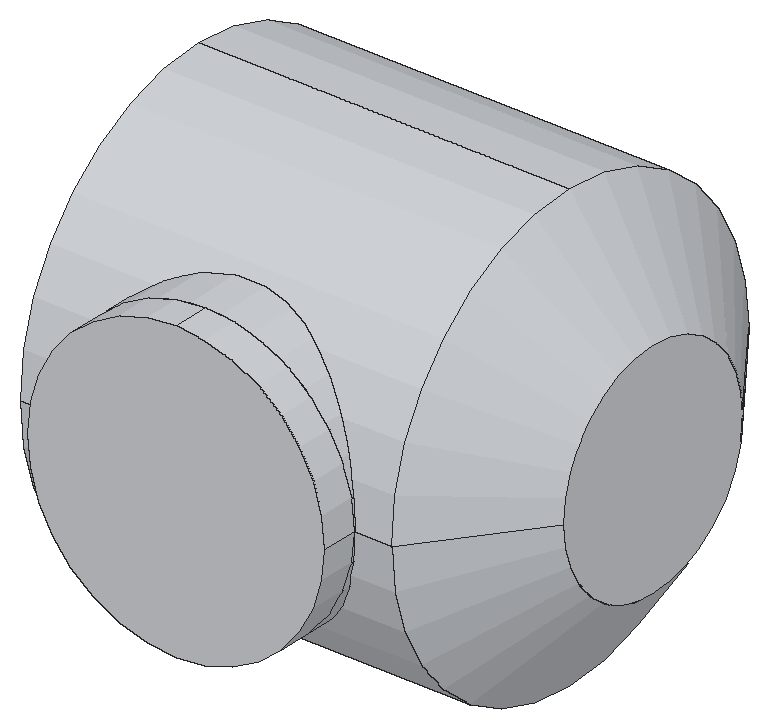
Revit family "M_Round Tee with Transition - Bullhead", category Duct Fittings, Revit 2014
Parameters (values of type "Standard")
  Middle Radius [instance] = Duct Radius 3 - abs(Duct Diameter 3 / 2 - Middle Radius 1) / Length 1 * Duct Base Radius  # 100 mm
  Middle Radius 2 [instance] = Duct Diameter 3 / 2 - abs(Duct Diameter 3 / 2 - Middle Radius 1) / Length 1 * Length 2  # 100 mm
  Length 2 [instance] = Duct Base Radius  # 150 mm
  Length 1 [instance] = Duct Base Radius  # 150 mm
  Middle Radius 1 [instance] = if(Duct Base Diameter / 2 > Duct Diameter 3 / 2, Duct Diameter 3 / 2, Duct Base Diameter / 2)  # 100 mm
  Duct Radius 3 [instance] = 100 mm
  Duct Radius 2 [instance] = 75 mm
  Duct Radius 1 [instance] = 50 mm
  Duct Length 3 [instance] = Duct Base Diameter / 2 + 25 mm  # 175 mm
  Length [instance] = abs(2 * (Duct Radius 1 - Duct Radius 2)) + 6 mm  # 56 mm
  Duct Length 1 [instance] = Duct Diameter 3 / 2 + 25 mm  # 125 mm
  Duct Diameter 3 [instance] = 2 * Duct Radius 3  # 200 mm
  Duct Diameter 2 [instance] = 2 * Duct Radius 2  # 150 mm
  Duct Diameter 1 [instance] = 2 * Duct Radius 1  # 100 mm
  Duct Base Radius [instance] = 150 mm
  Duct Base Diameter [instance] = 2 * Duct Base Radius  # 300 mm
Reference planes
  plane 1 "Center (Front/Back)": y = 0
  plane 2: z = 0
  plane 3 "Center (Left/Right)": x = 0
  plane 4: x = -125
  plane 5: x = 125
  plane 6: y = -175
  plane 7: x = 181
  plane 8: x = -181
  plane 9: y = -150
  plane 10: y = -150
  plane 11: y = -150
Forms (mm)
  Sweep 1, solid, detail levels medium+fine
    path in 3D
      loop
        line (-125, 0, 0) -> (125, 0, 0)
    profile "M_Duct - Round : Duct - Round Base" origin (0, 0, 0) x (0, 1, 0) y (0, 0, 1)
      loop
        arc (-150, 0) -> (-106.066, -106.066) -> (0, -150) r 150
        arc (0, -150) -> (106.066, -106.066) -> (150, 0) r 150
        arc (150, 0) -> (106.066, 106.066) -> (0, 150) r 150
        arc (0, 150) -> (-106.066, 106.066) -> (-150, 0) r 150
  Blend 2, solid, detail levels medium+fine
    base sketch origin (0, 0, 0) x (0, 1, 0) y (0, 0, 1)
      loop
        circle (0, 0) r 150
    top sketch origin (0, 0, 0) x (0, 1, 0) y (0, 0, 1)
      loop
        circle (0, 0) r 50
    from -125 to -181
  Blend 3, solid, detail levels medium+fine
    base sketch origin (0, 0, 0) x (0, 1, 0) y (0, 0, 1)
      loop
        circle (0, 0) r 150
    top sketch origin (0, 0, 0) x (0, 1, 0) y (0, 0, 1)
      loop
        circle (0, 0) r 75
    from 125 to 181
  Sweep 4, solid, detail levels medium+fine
    path in 3D
      loop
        line (0, -150, 0) -> (0, -175, 0)
    profile "M_Duct - Round : Duct - Round 3" origin (0, -162.5, 0) x (1, 0, 0) y (0, 0, 1)
      loop
        arc (-100, 0) -> (-70.711, -70.711) -> (0, -100) r 100
        arc (0, -100) -> (70.711, -70.711) -> (100, 0) r 100
        arc (100, 0) -> (70.711, 70.711) -> (0, 100) r 100
        arc (0, 100) -> (-70.711, 70.711) -> (-100, 0) r 100
  Blend 5, solid, detail levels medium+fine
    base sketch origin (0, 0, 0) x (1, 0, 0) y (0, 0, 1)
      loop
        circle (0, 0) r 100
    top sketch origin (0, 0, 0) x (1, 0, 0) y (0, 0, 1)
      loop
        circle (0, 0) r 100
    from 150 to 0
Cuts and joins
  joined: Sweep 1, Blend 2, Blend 3, Sweep 4, Blend 5
Lines and regions (mm)
  reference lines
    curve 1: line (-125, 0, 0) -> (125, 0, 0)
    curve 2: line (0, -175, 0) -> (0, 0, 0)
    curve 8: line (0, -150, 0) -> (0, -175, 0)
    curve 9: line (0, -150, 0) -> (0, -175, 0)
    curve 10: line (0, -150, 0) -> (0, -175, 0)
  sketch lines
    curve 3: line (-125, 0, 0) -> (125, 0, 0)
    curve 11: line (0, -150, 0) -> (0, -175, 0)
  model lines, style "DuctFitting", detail levels coarse
    curve 4: line (-125, 0, 0) -> (125, 0, 0)
    curve 5: line (0, -175, 0) -> (0, 0, 0)
    curve 6: line (-181, 0, 0) -> (-125, 0, 0)
    curve 7: line (125, 0, 0) -> (181, 0, 0)
Dimensions and locks
  "Duct Length 3": plane 6 to plane 1 "Center (Front/Back)"
  "Duct Length 1": plane 4 to plane 3 "Center (Left/Right)"
  "Duct Length 1": plane 3 "Center (Left/Right)" to plane 5
  "Length": plane 5 to plane 7
  "Length": plane 8 to plane 4
  "Length 1": plane 1 "Center (Front/Back)" to plane 9
  "Duct Base Radius": plane 1 "Center (Front/Back)" to plane 10
  "Length 2": plane 1 "Center (Front/Back)" to plane 11
  "Duct Base Radius": radius of Blend 2 sketch curve
  "Duct Radius 1": radius of Blend 2 sketch curve
  "Duct Base Radius": radius of Blend 3 sketch curve
  "Duct Radius 2": radius of Blend 3 sketch curve
  "Duct Radius 3": radius of Blend 5 sketch curve
  "Middle Radius": radius of Blend 5 sketch curve
  aligned and locked: plane 4 to curve 1
  aligned and locked: plane 5 to curve 1
  aligned and locked: plane 1 "Center (Front/Back)" to curve 1
  aligned and locked: plane 1 "Center (Front/Back)" to curve 2
  aligned and locked: plane 6 to curve 2
  aligned and locked: curve 2 to plane 3 "Center (Left/Right)"
  aligned and locked: curve 5 to curve 2
  aligned and locked: plane 6 to curve 5
  aligned and locked: plane 1 "Center (Front/Back)" to curve 4
  aligned and locked: plane 2 to Blend 2 sketch curve  (x2)
  aligned and locked: plane 1 "Center (Front/Back)" to Blend 2 sketch curve  (x2)
  aligned and locked: Blend 2 to plane 4
  aligned and locked: Blend 2 to plane 8
  aligned and locked: plane 8 to curve 6
  aligned and locked: plane 4 to curve 6
  aligned and locked: plane 1 "Center (Front/Back)" to curve 6
  aligned and locked: plane 5 to curve 7
  aligned and locked: plane 7 to curve 7
  aligned and locked: plane 1 "Center (Front/Back)" to curve 7
  aligned and locked: plane 2 to Blend 3 sketch curve  (x2)
  aligned and locked: plane 1 "Center (Front/Back)" to Blend 3 sketch curve  (x2)
  aligned and locked: plane 7 to Blend 3
  aligned and locked: Blend 3 to plane 5
  aligned and locked: plane 9 to curve 8
  aligned and locked: plane 6 to curve 8
  aligned and locked: curve 8 to plane 3 "Center (Left/Right)"
  aligned and locked: plane 10 to curve 9
  aligned and locked: plane 6 to curve 9
  aligned and locked: curve 9 to plane 3 "Center (Left/Right)"
  aligned and locked: plane 11 to curve 10
  aligned and locked: plane 6 to curve 10
  aligned and locked: curve 10 to plane 3 "Center (Left/Right)"
  aligned and locked: plane 2 to Blend 5 sketch curve  (x2)
  aligned and locked: plane 3 "Center (Left/Right)" to Blend 5 sketch curve  (x2)
  aligned and locked: Blend 5 to plane 10
  aligned and locked: Blend 5 to plane 1 "Center (Front/Back)"
Connectors
  hvac at (-181, 0, 0), driven by "Duct Radius 1"
    settings: on cut or joined group of Sweep 1, Blend 2, Blend 3, Sweep 4, Blend 5, index 1, duct flow 0.0 L/s, flow factor 0, pres drop 0.0 Pa, loss coef 0, conn angle 0.00°, conn width 304.8 mm, conn height 304.8 mm, conn diameter 100 mm, duct sys type 28, conn prof type 0, flow config 0, flow direction 0, loss method 0, conn ref index 2, conn util no, is conn primary yes, conn desc ""
  hvac at (181, 0, 0), driven by "Duct Radius 2"
    settings: on cut or joined group of Sweep 1, Blend 2, Blend 3, Sweep 4, Blend 5, index 2, duct flow 0.0 L/s, flow factor 0, pres drop 0.0 Pa, loss coef 0, conn angle 0.00°, conn width 304.8 mm, conn height 304.8 mm, conn diameter 150 mm, duct sys type 28, conn prof type 0, flow config 0, flow direction 0, loss method 0, conn ref index 1, conn util no, is conn primary no, conn desc ""
  hvac at (0, -175, 0), driven by "Duct Radius 3"
    settings: on cut or joined group of Sweep 1, Blend 2, Blend 3, Sweep 4, Blend 5, index 3, duct flow 0.0 L/s, flow factor 0, pres drop 0.0 Pa, loss coef 0, conn angle 0.00°, conn width 304.8 mm, conn height 304.8 mm, conn diameter 200 mm, duct sys type 28, conn prof type 0, flow config 0, flow direction 0, loss method 0, conn ref index -1, conn util no, is conn primary no, conn desc ""
